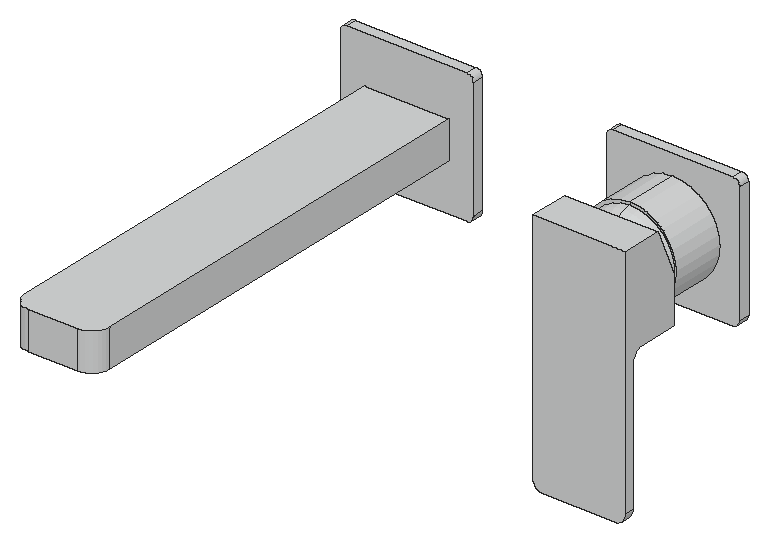
Revit family "MixerSet_Wall_Nero_Celia_Basin_Bath_BackPlate", category Plumbing Fixtures, Revit 2022
Family settings
  Round Connector Dimension = Use Diameter
  Part Type = Normal
  OmniClass Number = 23.31.11.19
  OmniClass Title = Faucet Mixing Valves
  Work Plane-Based = No
  Always vertical = Yes
  Cut with Voids When Loaded = Yes
  Maintain Annotation Orientation = No
  Shared = No
  Room Calculation Point = No
Parameters (values of type "Chrome (NR301510bCH)")
  Waste Connection = no
  WFU = 0
  Vent Connection = no
  Uniclass2015Version = "Products v1.35"
  Uniclass2015Title = "Taps and water supply outlet fittings"
  Uniclass2015Code = "Pr_40_20_87"
  URL = "D2010"
  Type Comments = "Mixer Set - Wall - Basin - Bath - Back Plate - Chrome"
  ModifiedIssue = 20251105
  Model = "NR301510bCH"
  Material = Metal_Chrome_Nero
  ManufacturerURLProductSpecific = "https://nerotapware.com.au/product/celia-wall-basin-bath-mixer-separate-back-plate-chrome-nr301510bch/"
  ManufacturerSpecCode = "NR301510bCH"
  ManufacturerOverallWidth = 180 mm  # constant formula
  ManufacturerOverallHeight = 120 mm  # constant formula
  ManufacturerOverallDepth = 204.5 mm  # constant formula
  Manufacturer = "Nero"
  IfcExportType = "FAUCET"
  IfcExportAs = "IfcValveType"
  HWFU = 0
  HW Connection = yes
  Description = "Celia Wall Basin/Bath Mixer Separate Back Plate Chrome"
  Default Elevation = 1050 mm
  CreatedByURL = "https://igsgroup.com.au"
  CreatedBy = "IGS BIM Solutions"  # constant formula
  CWFU = 0
  CW Connection = yes
  Assembly Code = "D2010"
Types (3, lengths in mm): name | Type Comments | Model | Material | ManufacturerURLProductSpecific | ManufacturerSpecCode | Description
  Matte Black (NR301510bMB) | "Mixer Set - Wall - Basin - Bath - Back Plate - Matte Black" | "NR301510bMB" | Metal_MatteBlack_Nero | "https://nerotapware.com.au/product/celia-wall-basin-bath-mixer-separate-back-plate-matte-black-nr301510bmb/" | "NR301510bMB" | "Celia Wall Basin/Bath Mixer Separate Back Plate Matte Black"
  Brushed Nickel (NR301510bBN) | "Mixer Set - Wall - Basin - Bath - Back Plate - Brushed Nickel" | "NR301510bBN" | Metal_Nickel_Nero_Brushed | "https://nerotapware.com.au/product/celia-wall-basin-bath-mixer-separate-back-plate-brushed-nickel-nr301510bbn/" | "NR301510bBN" | "Celia Wall Basin/Bath Mixer Separate Back Plate Brushed Nickel"
  Chrome (NR301510bCH) | "Mixer Set - Wall - Basin - Bath - Back Plate - Chrome" | "NR301510bCH" | Metal_Chrome_Nero | "https://nerotapware.com.au/product/celia-wall-basin-bath-mixer-separate-back-plate-chrome-nr301510bch/" | "NR301510bCH" | "Celia Wall Basin/Bath Mixer Separate Back Plate Chrome"
Reference planes
  plane 1 "Bottom": z = -90
  plane 2 "MountingHeight": z = 0
  plane 3 "Back": y = 100.962
  plane 4 "Front": y = -103.538
  plane 5 "Left": x = 14.165
  plane 6 "Right": x = 194.165
  plane 7 "Center (Left/Right)": x = 104.165
  plane 8 "Top": z = 30
Forms (mm)
  Extrusion 1, solid, material "Metal_Chrome_Nero" <- "Material"
    sketch origin (0, 0, 210) x (0, 1, 0) y (-1, 0, 0)
      loop
        line (95.962, -25.165) -> (-89.038, -25.165) -> (-89.038, -63.165) -> (95.962, -63.165) -> (95.962, -25.165)
    from -201.5 to -218.5
  Extrusion 2, solid, material "Metal_Chrome_Nero" <- "Material"
    sketch origin (0, 0, 210) x (0, 1, 0) y (-1, 0, 0)
      loop
        line (-89.038, -25.165) -> (-95.538, -25.165)
        arc (-95.538, -25.165) -> (-101.195, -27.508) -> (-103.538, -33.165) r 8
        line (-103.538, -33.165) -> (-103.538, -55.165)
        arc (-103.538, -55.165) -> (-101.195, -60.822) -> (-95.538, -63.165) r 8
        line (-95.538, -63.165) -> (-89.038, -63.165) -> (-89.038, -25.165)
    from -201.5 to -218.5
  Revolve 3, solid, material "Metal_Chrome_Nero" <- "Material"
    sketch origin (44.165, -1524, -8.5) x (0, 0, 1) y (0, -1, 0)
      loop
        line (9.119, -1439.07) -> (11.203, -1427.252) -> (7.264, -1426.558)
        arc (7.264, -1426.558) -> (1.286, -1427.883) -> (-2.004, -1433.047) r 8
        line (-2.004, -1433.047) -> (-2.698, -1436.986) -> (9.119, -1439.07)
      axis (-2.698, -1436.986) -> (9.119, -1439.07)
    angle from 0 to 360
  Extrusion 4, solid, material "Metal_Chrome_Nero" <- "Material"
    sketch origin (-636.066, -133.676, 1135.788) x (-1, 0, 0) y (0, 0, -1)
      loop
        line (-650.231, 1108.788) -> (-650.231, 1162.788)
        arc (-650.231, 1162.788) -> (-651.11, 1164.91) -> (-653.231, 1165.788) r 3
        line (-653.231, 1165.788) -> (-707.231, 1165.788)
        arc (-707.231, 1165.788) -> (-709.353, 1164.91) -> (-710.231, 1162.788) r 3
        line (-710.231, 1162.788) -> (-710.231, 1108.788)
        arc (-710.231, 1108.788) -> (-709.353, 1106.667) -> (-707.231, 1105.788) r 3
        line (-707.231, 1105.788) -> (-653.231, 1105.788)
        arc (-653.231, 1105.788) -> (-651.11, 1106.667) -> (-650.231, 1108.788) r 3
    from -229.638 to -234.638
  Revolve 5, solid, material "Metal_Chrome_Nero" <- "Material"
    sketch origin (164.165, -53.238, -1050) x (0, 1, 0) y (0, 0, 1)
      loop
        line (149.2, 1050) -> (149.2, 1071) -> (125.118, 1071) -> (125.118, 1069.774)
        arc (125.118, 1069.774) -> (119.251, 1068.282) -> (114.063, 1065.164) r 20.806
        line (114.063, 1065.164) -> (114.063, 1050) -> (149.2, 1050)
      axis (114.063, 1050) -> (149.2, 1050)
    angle from 0 to 360
  Extrusion 6, solid, material "Metal_Chrome_Nero" <- "Material"
    sketch origin (209.165, 80.862, 2950) x (0, -1, 0) y (0, 0, -1)
      loop
        line (33.75, 2971) -> (33.75, 2976)
        arc (33.75, 2976) -> (32.286, 2972.464) -> (28.75, 2971) r 5
        line (28.75, 2971) -> (33.75, 2971)
    from -66 to -24
  Extrusion 7, solid, material "Metal_Chrome_Nero" <- "Material"
    sketch origin (-636.066, -73.538, 1185) x (-1, 0, 0) y (0, 0, -1)
      loop
        line (-779.231, 1164) -> (-779.231, 1270)
        arc (-779.231, 1270) -> (-780.696, 1273.536) -> (-784.231, 1275) r 5
        line (-784.231, 1275) -> (-816.231, 1275)
        arc (-816.231, 1275) -> (-819.767, 1273.536) -> (-821.231, 1270) r 5
        line (-821.231, 1270) -> (-821.231, 1164) -> (-779.231, 1164)
    from -116.65 to -120.65
  Extrusion 8, solid, material "Metal_Chrome_Nero" <- "Material"
    sketch origin (-636.066, -73.538, 1185) x (-1, 0, 0) y (0, 0, -1)
      loop
        line (-779.231, 1164) -> (-779.231, 1206) -> (-821.231, 1206) -> (-821.231, 1164) -> (-779.231, 1164)
    from -120.65 to -143.597
  Extrusion 9, void
    sketch origin (98.36, 0, 0) x (0, 1, 0) y (0, 0, 1)
      loop
        line (70.059, 0.126) -> (70.059, 21) -> (61.198, 21) -> (70.059, 0.126)
    from 86.805 to 44.805
  Extrusion 10, solid, material "Metal_Chrome_Nero" <- "Material"
    sketch origin (-472.016, 100.962, 1080) x (-1, 0, 0) y (0, 0, -1)
      loop
        circle (-508.831, 1080) r 6.35
      loop
        circle (-523.531, 1080) r 6.35
    from 0 to -1
  Extrusion 11, void
    sketch origin (-472.016, 100.962, 1080) x (-1, 0, 0) y (0, 0, -1)
      loop
        circle (-516.181, 1080) r 15
    from 0 to -30
  Extrusion 12, solid, material "Metal_Chrome_Nero" <- "Material"
    sketch origin (-516.066, -133.676, 1135.788) x (-1, 0, 0) y (0, 0, -1)
      loop
        line (-650.231, 1108.788) -> (-650.231, 1162.788)
        arc (-650.231, 1162.788) -> (-651.11, 1164.91) -> (-653.231, 1165.788) r 3
        line (-653.231, 1165.788) -> (-707.231, 1165.788)
        arc (-707.231, 1165.788) -> (-709.353, 1164.91) -> (-710.231, 1162.788) r 3
        line (-710.231, 1162.788) -> (-710.231, 1108.788)
        arc (-710.231, 1108.788) -> (-709.353, 1106.667) -> (-707.231, 1105.788) r 3
        line (-707.231, 1105.788) -> (-653.231, 1105.788)
        arc (-653.231, 1105.788) -> (-651.11, 1106.667) -> (-650.231, 1108.788) r 3
    from -229.638 to -234.638
Cuts and joins
  joined: Extrusion 1, Extrusion 2, Revolve 3
  Extrusion 9 cuts Extrusion 6
  Extrusion 9 cuts Extrusion 7
  Extrusion 9 cuts Extrusion 8
  joined: Revolve 5, Extrusion 6, Extrusion 7, Extrusion 8
  Extrusion 11 cuts Extrusion 4
Lines and regions (mm)
  Masking region 1
    outline origin (0, 0, 30) x (0, 1, 0) y (-1, 0, 0)
      loop
        line (100.962, -14.165) -> (95.962, -14.165) -> (95.962, -25.165) -> (-95.538, -25.165)
        arc (-95.538, -25.165) -> (-101.195, -27.508) -> (-103.538, -33.165) r 8
        line (-103.538, -33.165) -> (-103.538, -55.165)
        arc (-103.538, -55.165) -> (-101.195, -60.822) -> (-95.538, -63.165) r 8
        line (-95.538, -63.165) -> (95.962, -63.165) -> (95.962, -74.165) -> (100.962, -74.165) -> (100.962, -14.165)
      loop
        line (95.962, -194.165) -> (100.962, -194.165) -> (100.962, -134.165) -> (95.962, -134.165) -> (95.962, -143.165) -> (71.88, -143.165) -> (71.88, -144.244)
        arc (71.88, -144.244) -> (70.945, -144.348) -> (70.059, -144.665) r 4.047
        line (70.059, -144.665) -> (70.059, -143.165) -> (43.112, -143.165) -> (43.112, -185.165) -> (70.059, -185.165) -> (70.059, -183.665)
        arc (70.059, -183.665) -> (70.945, -183.982) -> (71.88, -184.037) r 4.047
        line (71.88, -184.037) -> (71.88, -185.165) -> (95.962, -185.165) -> (95.962, -194.165)
  symbolic lines, style "Taps/Mixers", detail levels medium+fine
    curve 1: line (185.165, 61.198, 30) -> (143.165, 61.198, 30)
    curve 2: line (143.165, 95.962, 30) -> (185.165, 95.962, 30)
    curve 3: line (63.165, 95.962, 30) -> (25.165, 95.962, 30)
    curve 4: line (184.084, 71.88, 30) -> (144.246, 71.88, 30)
    curve 5: spline (184.084, 71.88, 30) -> (183.405, 69.551, 30) -> (181.415, 67.38, 30) -> (178.25, 65.516, 30) -> (174.124, 64.086, 30) -> (169.32, 63.187, 30) -> (164.165, 62.88, 30) -> (159.01, 63.187, 30) -> (154.206, 64.086, 30) -> (150.08, 65.516, 30) -> (146.915, 67.38, 30) -> (144.925, 69.551, 30) -> (144.246, 71.88, 30)
Text (mm)
  text "Disclaimer:\nDue to ongoing product development and manufacturing evolution, product details are subject to change without notice. Please refer to product technical data sheets on the manufacturers website for the most current product information. Please allow a +/- 5mm manufacturing tolerance for dimensions and set-outs shown in product literature." at (347.32, 148.915, 0), in view "Ref. Level"
Dimensions and locks
  "ManufacturerOverallDepth": plane 4 "Front" to plane 3 "Back"
  plane 8 "Top" to plane 2 "MountingHeight" to plane 1 "Bottom" = 30 mm, 90 mm
  equal spacing: plane 5 "Left", plane 7 "Center (Left/Right)", plane 6 "Right"
  "ManufacturerOverallWidth": plane 5 "Left" to plane 6 "Right"
  "ManufacturerOverallHeight": plane 8 "Top" to plane 1 "Bottom"
Automatic sketch dimensions
  Extrusion 1 sketch curve to plane 4 "Front" = 14.5 mm
  plane 3 "Back" to Extrusion 1 sketch curve = 5 mm
  plane 4 "Front" to Extrusion 2 sketch curve = 0 mm
  Extrusion 2 sketch curve to plane 4 "Front" = 8 mm
  Extrusion 2 sketch curve to Extrusion 2 sketch curve = 8 mm
  Extrusion 2 sketch curve to Extrusion 2 sketch curve = 6.5 mm
  Extrusion 2 sketch curve to Extrusion 2 sketch curve = 22 mm
  Revolve 3 sketch curve to level = 11.198 mm
  Revolve 3 sketch curve to Revolve 3 sketch curve = 0.695 mm
  Revolve 3 sketch curve to level = 2.625 mm
  Revolve 3 sketch curve to level = 1.236 mm
  level to Revolve 3 sketch curve = 0.619 mm
  level to Revolve 3 sketch curve = 2.703 mm
  Revolve 3 sketch curve to plane 4 "Front" = 18.608 mm
  Revolve 3 sketch curve to Revolve 3 sketch curve = 2.084 mm
  Revolve 3 sketch curve to Revolve 3 sketch curve = 0 mm  (x2)
  Revolve 3 sketch curve to Revolve 3 sketch curve = 4.924 mm
  Revolve 3 sketch curve to Revolve 3 sketch curve = 0.868 mm
  Extrusion 4 sketch curve to Extrusion 4 sketch curve = 3 mm  (x3)
  Extrusion 4 sketch curve to level = 27 mm
  Revolve 5 sketch curve to level = 0 mm  (x2)
  plane 3 "Back" to Revolve 5 sketch curve = 40.137 mm
  Revolve 5 sketch curve to Revolve 5 sketch curve = 11.055 mm
  Revolve 5 sketch curve to level = 0.922 mm
  Revolve 5 sketch curve to Revolve 5 sketch curve = 13.195 mm
  plane 3 "Back" to Revolve 5 sketch curve = 5 mm
  Revolve 5 sketch curve to Revolve 5 sketch curve = 15.164 mm
  Revolve 5 sketch curve to plane 3 "Back" = 1.9 mm
  Revolve 5 sketch curve to Revolve 5 sketch curve = 10 mm
  Extrusion 6 sketch curve to plane 3 "Back" = 48.85 mm
  Extrusion 6 sketch curve to Extrusion 6 sketch curve = 5 mm  (x2)
  level to Extrusion 6 sketch curve = 26 mm
  Extrusion 6 sketch curve to Extrusion 6 sketch curve = 0 mm  (x3)
  Extrusion 7 sketch curve to plane 1 "Bottom" = 0 mm
  plane 1 "Bottom" to Extrusion 7 sketch curve = 5 mm  (x2)
  Extrusion 7 sketch curve to Extrusion 7 sketch curve = 32 mm
  Extrusion 8 sketch curve to level = 21 mm
  plane 3 "Back" to Extrusion 9 sketch curve = 39.764 mm
  Extrusion 9 sketch curve to Extrusion 9 sketch curve = 8.861 mm
  level to Extrusion 9 sketch curve = 0.126 mm
  Extrusion 12 sketch curve to Extrusion 12 sketch curve = 3 mm  (x4)
  Extrusion 12 sketch curve to level = 27 mm
  Extrusion 1 sketch curve to plane 5 "Left" = 11 mm
  plane 5 "Left" to Extrusion 4 sketch curve = 0 mm
  Extrusion 4 sketch curve to plane 5 "Left" = 3 mm
  Extrusion 7 sketch curve to plane 6 "Right" = 9 mm
  Extrusion 8 sketch curve to plane 6 "Right" = 9 mm
  Extrusion 12 sketch curve to plane 6 "Right" = 0 mm
  Extrusion 1 sketch curve to Extrusion 1 sketch curve = 38 mm
  Extrusion 2 sketch curve to plane 7 "Center (Left/Right)" = 41 mm
  Extrusion 4 sketch curve to plane 7 "Center (Left/Right)" = 33 mm
  plane 7 "Center (Left/Right)" to Extrusion 8 sketch curve = 39 mm
  plane 7 "Center (Left/Right)" to Extrusion 12 sketch curve = 33 mm
  Extrusion 4 sketch curve to plane 8 "Top" = 0 mm
  Revolve 5 sketch curve to plane 8 "Top" = 9 mm
  Extrusion 7 sketch curve to plane 8 "Top" = 9 mm
  Extrusion 8 sketch curve to plane 8 "Top" = 9 mm
  Extrusion 9 sketch curve to plane 8 "Top" = 9 mm
  Extrusion 12 sketch curve to plane 8 "Top" = 0 mm
  plane 3 "Back" to curve 4 = 29.082 mm
  curve 4 to plane 6 "Right" = 10.081 mm
  curve 4 to curve 4 = 39.837 mm
  curve 1 to curve 5 = 10.682 mm
  plane 3 "Back" to curve 2 = 5 mm
  plane 3 "Back" to curve 3 = 5 mm
  curve 1 to plane 6 "Right" = 9 mm
  curve 2 to plane 6 "Right" = 9 mm
  curve 5 to curve 2 = 1.081 mm
  curve 4 to curve 1 = 1.081 mm
  curve 3 to plane 7 "Center (Left/Right)" = 41 mm
  curve 3 to plane 5 "Left" = 11 mm
  Extrusion 11 sketch curve to level = 0 mm
  Extrusion 11 sketch curve to plane 5 "Left" = 30 mm
  Extrusion 10 sketch curve to level = 0 mm  (x2)
  Extrusion 10 sketch curve to plane 5 "Left" = 37.35 mm
  Extrusion 10 sketch curve to Extrusion 10 sketch curve = 14.7 mm
  plane 4 "Front" to Masking region 1 sketch curve = 0 mm
  Masking region 1 sketch curve to plane 6 "Right" = 0 mm
  Masking region 1 sketch curve to plane 5 "Left" = 0 mm
  plane 3 "Back" to Masking region 1 sketch curve = 0 mm  (x2)
  Masking region 1 sketch curve to Masking region 1 sketch curve = 8 mm  (x2)
  Masking region 1 sketch curve to plane 6 "Right" = 9 mm  (x2)
  plane 3 "Back" to Masking region 1 sketch curve = 57.85 mm
  Masking region 1 sketch curve to plane 6 "Right" = 10.5 mm
  Masking region 1 sketch curve to Masking region 1 sketch curve = 26.947 mm  (x2)
  Masking region 1 sketch curve to Masking region 1 sketch curve = 1.799 mm  (x2)
  Masking region 1 sketch curve to Masking region 1 sketch curve = 1.821 mm  (x2)
  plane 3 "Back" to Masking region 1 sketch curve = 5 mm  (x4)
  Masking region 1 sketch curve to Masking region 1 sketch curve = 3.626 mm  (x2)
  Masking region 1 sketch curve to Masking region 1 sketch curve = 31.748 mm
  Masking region 1 sketch curve to Masking region 1 sketch curve = 1.079 mm
  Masking region 1 sketch curve to Masking region 1 sketch curve = 1.5 mm
  Masking region 1 sketch curve to Masking region 1 sketch curve = 9 mm
  Masking region 1 sketch curve to plane 7 "Center (Left/Right)" = 30 mm
  Masking region 1 sketch curve to plane 7 "Center (Left/Right)" = 41 mm
  Masking region 1 sketch curve to plane 5 "Left" = 19 mm
  Masking region 1 sketch curve to Masking region 1 sketch curve = 0.05 mm
  radius of Extrusion 11 sketch curve = 15 mm
  radius of Extrusion 10 sketch curve = 6.35 mm  (x2)
Connectors
  piping at (36.815, 101.962, 0), diameter 12.7, driven by "HW Connection"
    settings: on Extrusion 10, index 1, connector inside diameter 609.6 mm, connector length 0 mm, flow factor 0, pipe flow 0.0 L/s, pressure drop 0.0 Pa, fitting loss kfactor 0, connector angle 0.00°, fixture units 0, engagement length 0 mm, angle of deflection 0.00°, flow configuration 2, flow direction 1, fitting loss method 0, system type 19, joint type 0, gender type 0, connector reference index -1, connector utility 1, adjustable connector no, is connector primary yes, connector description "Hot Water Supply"
  piping at (51.515, 101.962, 0), diameter 12.7, driven by "HW Connection"
    settings: on Extrusion 10, index 2, connector inside diameter 609.6 mm, connector length 0 mm, flow factor 0, pipe flow 0.0 L/s, pressure drop 0.0 Pa, fitting loss kfactor 0, connector angle 0.00°, fixture units 0, engagement length 0 mm, angle of deflection 0.00°, flow configuration 2, flow direction 1, fitting loss method 0, system type 20, joint type 0, gender type 0, connector reference index -1, connector utility 1, adjustable connector no, is connector primary no, connector description "Cold Water Supply"
